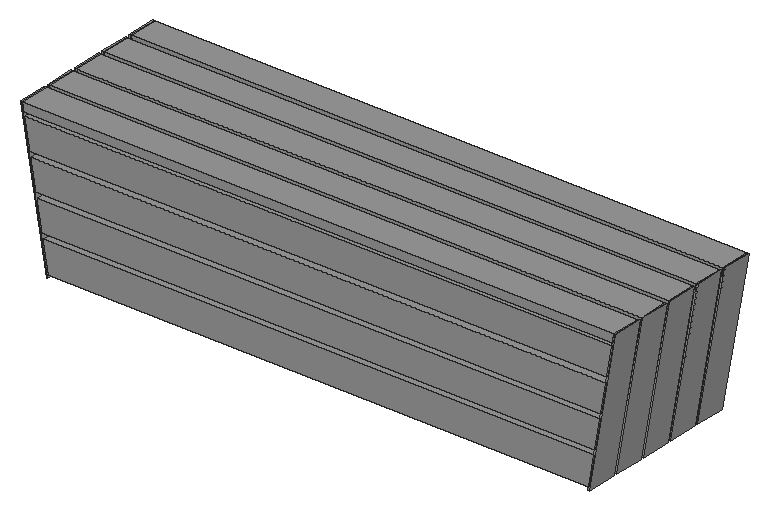
Revit family "Модульная скамейка «Экополис-2» Арт 12149", category Антураж, Revit 2018
Family settings
  На основе рабочей плоскости = Нет
  Всегда вертикально = Да
  При загрузке вырезать с полостями = Нет
  Источник визуального образа = Геометрия семейства
  Общий = Нет
  Точка расчета площади = Нет
Parameters (values of type "Модульная скамейка «Экополис-2»")
  Ширина = 500 mm  # constant formula
  Цвет основания = Сталь
  Цвет лавки = Дерево
  Описание = "Модульная скамейка «Экополис-2»"  # constant formula
  Материал изделия = "Сталь, дерево"  # constant formula
  Изображение типоразмера = Модульная скамейка «Экополис-2» Арт 12149.jpg
  Изготовитель = "ООО «Хоббика»"  # constant formula
  Длина = 1800 mm  # constant formula
  Группа модели = "Скамейки"  # constant formula
  Высота = 450 mm  # constant formula
  Артикул товара = "Арт. 12149"  # constant formula
  URL = "https://hobbyka.ru/product/modulnaya_skameyka_ekopolis2/"
Reference planes
  plane 1 "По центру (Вперед/Назад)": y = 0
  plane 2: z = 0
  plane 3 "По центру (Влево/Вправо)": x = 0
  plane 4: y = 500
  plane 5: x = 1800
  plane 6: z = 450
Forms (mm)
  Extrusion 1, solid, material "Сталь" <- "Цвет основания"
    sketch origin (0, 0, 0) x (1, 0, 0) y (0, 0, 1)
      loop
        line (5.077, 450) -> (0, 450) -> (79.347, 0) -> (84.424, 0) -> (5.077, 450)
      loop
        line (1794.923, 450) -> (1715.576, 0) -> (1720.653, 0) -> (1800, 450) -> (1794.923, 450)
    from 0 to -90
  Extrusion 2, solid, material "Сталь" <- "Цвет основания"
    sketch origin (0, 0, 0) x (1, 0, 0) y (0, 0, 1)
      loop
        line (5.077, 450) -> (0, 450) -> (79.347, 0) -> (84.424, 0) -> (5.077, 450)
      loop
        line (1794.923, 450) -> (1715.576, 0) -> (1720.653, 0) -> (1800, 450) -> (1794.923, 450)
    from -102.5 to -192.5
  Extrusion 3, solid, material "Сталь" <- "Цвет основания"
    sketch origin (0, 0, 0) x (1, 0, 0) y (0, 0, 1)
      loop
        line (5.077, 450) -> (0, 450) -> (79.347, 0) -> (84.424, 0) -> (5.077, 450)
      loop
        line (1794.923, 450) -> (1715.576, 0) -> (1720.653, 0) -> (1800, 450) -> (1794.923, 450)
    from -205 to -295
  Extrusion 4, solid, material "Сталь" <- "Цвет основания"
    sketch origin (0, 0, 0) x (1, 0, 0) y (0, 0, 1)
      loop
        line (5.077, 450) -> (0, 450) -> (79.347, 0) -> (84.424, 0) -> (5.077, 450)
      loop
        line (1794.923, 450) -> (1715.576, 0) -> (1720.653, 0) -> (1800, 450) -> (1794.923, 450)
    from -307.5 to -397.5
  Extrusion 5, solid, material "Сталь" <- "Цвет основания"
    sketch origin (0, 0, 0) x (1, 0, 0) y (0, 0, 1)
      loop
        line (5.077, 450) -> (0, 450) -> (79.347, 0) -> (84.424, 0) -> (5.077, 450)
      loop
        line (1794.923, 450) -> (1715.576, 0) -> (1720.653, 0) -> (1800, 450) -> (1794.923, 450)
    from -410 to -500
  Extrusion 6, solid, material "Дерево" <- "Цвет лавки"
    sketch origin (0, 0, 0) x (1, 0, 0) y (0, 0, 1)
      loop
        line (9.485, 425) -> (1790.515, 425) -> (1794.923, 450) -> (5.077, 450) -> (9.485, 425)
    from 0 to -90
  Extrusion 7, solid, material "Дерево" <- "Цвет лавки"
    sketch origin (0, 0, 0) x (1, 0, 0) y (0, 0, 1)
      loop
        line (9.485, 425) -> (1790.515, 425) -> (1794.923, 450) -> (5.077, 450) -> (9.485, 425)
    from -102.5 to -192.5
  Extrusion 8, solid, material "Дерево" <- "Цвет лавки"
    sketch origin (0, 0, 0) x (1, 0, 0) y (0, 0, 1)
      loop
        line (9.485, 425) -> (1790.515, 425) -> (1794.923, 450) -> (5.077, 450) -> (9.485, 425)
    from -205 to -295
  Extrusion 9, solid, material "Дерево" <- "Цвет лавки"
    sketch origin (0, 0, 0) x (1, 0, 0) y (0, 0, 1)
      loop
        line (9.485, 425) -> (1790.515, 425) -> (1794.923, 450) -> (5.077, 450) -> (9.485, 425)
    from -307.5 to -397.5
  Extrusion 10, solid, material "Дерево" <- "Цвет лавки"
    sketch origin (0, 0, 0) x (1, 0, 0) y (0, 0, 1)
      loop
        line (9.485, 425) -> (1790.515, 425) -> (1794.923, 450) -> (5.077, 450) -> (9.485, 425)
    from -410 to -500
  Extrusion 11, solid, material "Дерево" <- "Цвет лавки"
    sketch origin (0, 0, 0) x (1, 0, 0) y (0, 0, 1)
      loop
        line (27.118, 325) -> (1772.882, 325) -> (1788.751, 415) -> (11.249, 415) -> (27.118, 325)
      loop
        line (45.632, 220) -> (1754.368, 220) -> (1770.237, 310) -> (29.763, 310) -> (45.632, 220)
      loop
        line (64.147, 115) -> (1735.853, 115) -> (1751.723, 205) -> (48.277, 205) -> (64.147, 115)
      loop
        line (82.661, 10) -> (1717.339, 10) -> (1733.208, 100) -> (66.792, 100) -> (82.661, 10)
    from 0 to -35
  Extrusion 12, solid, material "Дерево" <- "Цвет лавки"
    sketch origin (0, 0, 0) x (1, 0, 0) y (0, 0, 1)
      loop
        line (27.118, 325) -> (1772.882, 325) -> (1788.751, 415) -> (11.249, 415) -> (27.118, 325)
      loop
        line (45.632, 220) -> (1754.368, 220) -> (1770.237, 310) -> (29.763, 310) -> (45.632, 220)
      loop
        line (64.147, 115) -> (1735.853, 115) -> (1751.723, 205) -> (48.277, 205) -> (64.147, 115)
      loop
        line (82.661, 10) -> (1717.339, 10) -> (1733.208, 100) -> (66.792, 100) -> (82.661, 10)
    from -465 to -500
Dimensions and locks
  "Длина": plane 3 "По центру (Влево/Вправо)" to plane 5
  "Ширина": plane 4 to plane 1 "По центру (Вперед/Назад)"
  "Высота": plane 6 to plane 2
  aligned and locked: level to plane 2
Automatic sketch dimensions
  Extrusion 1 sketch curve to plane 3 "По центру (Влево/Вправо)" = 0 mm
  Extrusion 1 sketch curve to plane 6 = 0 mm  (x2)
  Extrusion 1 sketch curve to level = 0 mm  (x2)
  Extrusion 1 sketch curve to plane 5 = 0 mm
  plane 3 "По центру (Влево/Вправо)" to Extrusion 1 sketch curve = 5.077 mm
  plane 3 "По центру (Влево/Вправо)" to Extrusion 1 sketch curve = 79.347 mm
  Extrusion 1 sketch curve to Extrusion 1 sketch curve = 5.077 mm  (x3)
  Extrusion 1 sketch curve to plane 5 = 84.424 mm
  Extrusion 2 sketch curve to plane 3 "По центру (Влево/Вправо)" = 0 mm
  Extrusion 2 sketch curve to plane 6 = 0 mm  (x2)
  Extrusion 2 sketch curve to level = 0 mm  (x2)
  Extrusion 2 sketch curve to plane 5 = 0 mm
  plane 3 "По центру (Влево/Вправо)" to Extrusion 2 sketch curve = 5.077 mm
  plane 3 "По центру (Влево/Вправо)" to Extrusion 2 sketch curve = 79.347 mm
  Extrusion 2 sketch curve to Extrusion 2 sketch curve = 5.077 mm  (x3)
  Extrusion 2 sketch curve to plane 5 = 84.424 mm
  Extrusion 3 sketch curve to plane 3 "По центру (Влево/Вправо)" = 0 mm
  Extrusion 3 sketch curve to plane 6 = 0 mm  (x2)
  Extrusion 3 sketch curve to level = 0 mm  (x2)
  Extrusion 3 sketch curve to plane 5 = 0 mm
  plane 3 "По центру (Влево/Вправо)" to Extrusion 3 sketch curve = 5.077 mm
  plane 3 "По центру (Влево/Вправо)" to Extrusion 3 sketch curve = 79.347 mm
  Extrusion 3 sketch curve to Extrusion 3 sketch curve = 5.077 mm  (x3)
  Extrusion 3 sketch curve to plane 5 = 84.424 mm
  Extrusion 4 sketch curve to plane 3 "По центру (Влево/Вправо)" = 0 mm
  Extrusion 4 sketch curve to plane 6 = 0 mm  (x2)
  Extrusion 4 sketch curve to level = 0 mm  (x2)
  Extrusion 4 sketch curve to plane 5 = 0 mm
  plane 3 "По центру (Влево/Вправо)" to Extrusion 4 sketch curve = 5.077 mm
  plane 3 "По центру (Влево/Вправо)" to Extrusion 4 sketch curve = 79.347 mm
  Extrusion 4 sketch curve to Extrusion 4 sketch curve = 5.077 mm  (x3)
  Extrusion 4 sketch curve to plane 5 = 84.424 mm
  Extrusion 5 sketch curve to plane 3 "По центру (Влево/Вправо)" = 0 mm
  Extrusion 5 sketch curve to plane 6 = 0 mm  (x2)
  Extrusion 5 sketch curve to level = 0 mm  (x2)
  Extrusion 5 sketch curve to plane 5 = 0 mm
  plane 3 "По центру (Влево/Вправо)" to Extrusion 5 sketch curve = 5.077 mm
  plane 3 "По центру (Влево/Вправо)" to Extrusion 5 sketch curve = 79.347 mm
  Extrusion 5 sketch curve to Extrusion 5 sketch curve = 5.077 mm  (x3)
  Extrusion 5 sketch curve to plane 5 = 84.424 mm
  Extrusion 6 sketch curve to plane 6 = 0 mm
  plane 3 "По центру (Влево/Вправо)" to Extrusion 6 sketch curve = 5.077 mm
  plane 3 "По центру (Влево/Вправо)" to Extrusion 6 sketch curve = 9.485 mm
  Extrusion 6 sketch curve to plane 5 = 9.485 mm
  Extrusion 6 sketch curve to plane 5 = 5.077 mm
  Extrusion 6 sketch curve to plane 6 = 25 mm
  Extrusion 7 sketch curve to plane 6 = 0 mm
  plane 3 "По центру (Влево/Вправо)" to Extrusion 7 sketch curve = 5.077 mm
  plane 3 "По центру (Влево/Вправо)" to Extrusion 7 sketch curve = 9.485 mm
  Extrusion 7 sketch curve to plane 5 = 9.485 mm
  Extrusion 7 sketch curve to plane 5 = 5.077 mm
  Extrusion 7 sketch curve to plane 6 = 25 mm
  Extrusion 8 sketch curve to plane 6 = 0 mm
  plane 3 "По центру (Влево/Вправо)" to Extrusion 8 sketch curve = 5.077 mm
  plane 3 "По центру (Влево/Вправо)" to Extrusion 8 sketch curve = 9.485 mm
  Extrusion 8 sketch curve to plane 5 = 9.485 mm
  Extrusion 8 sketch curve to plane 5 = 5.077 mm
  Extrusion 8 sketch curve to plane 6 = 25 mm
  Extrusion 9 sketch curve to plane 6 = 0 mm
  plane 3 "По центру (Влево/Вправо)" to Extrusion 9 sketch curve = 5.077 mm
  plane 3 "По центру (Влево/Вправо)" to Extrusion 9 sketch curve = 9.485 mm
  Extrusion 9 sketch curve to plane 5 = 9.485 mm
  Extrusion 9 sketch curve to plane 5 = 5.077 mm
  Extrusion 9 sketch curve to plane 6 = 25 mm
  Extrusion 10 sketch curve to plane 6 = 0 mm
  plane 3 "По центру (Влево/Вправо)" to Extrusion 10 sketch curve = 5.077 mm
  plane 3 "По центру (Влево/Вправо)" to Extrusion 10 sketch curve = 9.485 mm
  Extrusion 10 sketch curve to plane 5 = 9.485 mm
  Extrusion 10 sketch curve to plane 5 = 5.077 mm
  Extrusion 10 sketch curve to plane 6 = 25 mm
  plane 3 "По центру (Влево/Вправо)" to Extrusion 11 sketch curve = 11.249 mm
  plane 3 "По центру (Влево/Вправо)" to Extrusion 11 sketch curve = 27.118 mm
  Extrusion 11 sketch curve to Extrusion 11 sketch curve = 2.645 mm  (x6)
  plane 3 "По центру (Влево/Вправо)" to Extrusion 11 sketch curve = 45.632 mm
  plane 3 "По центру (Влево/Вправо)" to Extrusion 11 sketch curve = 64.147 mm
  level to Extrusion 11 sketch curve = 10 mm
  plane 3 "По центру (Влево/Вправо)" to Extrusion 11 sketch curve = 82.661 mm
  Extrusion 11 sketch curve to plane 5 = 82.661 mm
  Extrusion 11 sketch curve to plane 5 = 66.792 mm
  Extrusion 11 sketch curve to plane 5 = 48.277 mm
  Extrusion 11 sketch curve to plane 5 = 29.763 mm
  Extrusion 11 sketch curve to plane 5 = 11.249 mm
  Extrusion 11 sketch curve to Extrusion 11 sketch curve = 90 mm  (x3)
  Extrusion 11 sketch curve to Extrusion 11 sketch curve = 15 mm  (x3)
  Extrusion 11 sketch curve to plane 6 = 35 mm
  plane 3 "По центру (Влево/Вправо)" to Extrusion 12 sketch curve = 11.249 mm
  plane 3 "По центру (Влево/Вправо)" to Extrusion 12 sketch curve = 27.118 mm
  Extrusion 12 sketch curve to Extrusion 12 sketch curve = 2.645 mm  (x6)
  plane 3 "По центру (Влево/Вправо)" to Extrusion 12 sketch curve = 45.632 mm
  plane 3 "По центру (Влево/Вправо)" to Extrusion 12 sketch curve = 64.147 mm
  level to Extrusion 12 sketch curve = 10 mm
  plane 3 "По центру (Влево/Вправо)" to Extrusion 12 sketch curve = 82.661 mm
  Extrusion 12 sketch curve to plane 5 = 82.661 mm
  Extrusion 12 sketch curve to plane 5 = 66.792 mm
  Extrusion 12 sketch curve to plane 5 = 48.277 mm
  Extrusion 12 sketch curve to plane 5 = 29.763 mm
  Extrusion 12 sketch curve to plane 5 = 11.249 mm
  Extrusion 12 sketch curve to Extrusion 12 sketch curve = 90 mm  (x3)
  Extrusion 12 sketch curve to Extrusion 12 sketch curve = 15 mm  (x3)
  Extrusion 12 sketch curve to plane 6 = 35 mm
